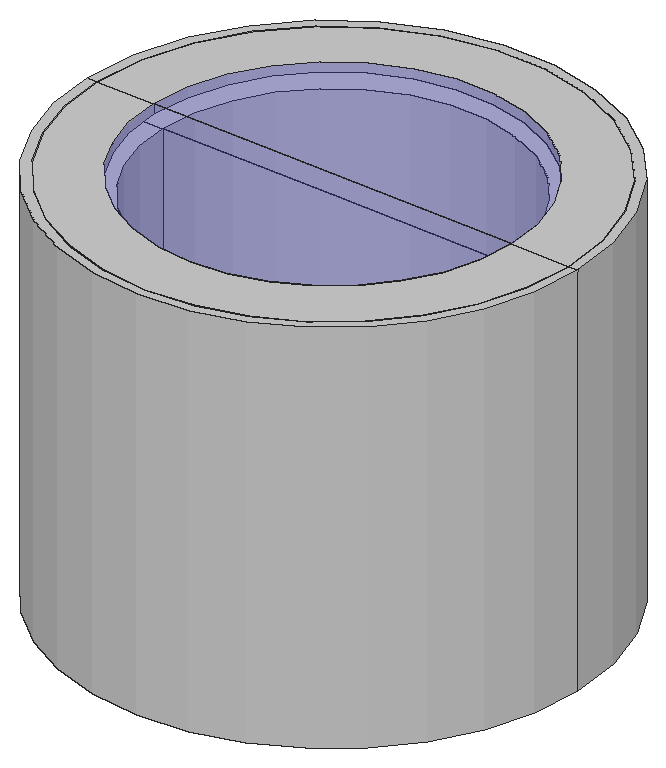
Revit family "77852_HOST_FACE", category Lighting Fixtures, host Face, Revit 2015 (continued)
Types (5): name | Wattage | built-in parameter 1150134 | Photometric Web File | built-in parameter 1150142 | Model | built-in parameter 1150105 | Lumens | Lamp | built-in parameter 1150107 | built-in parameter 1150106 | Description | Default Elevation
    6 36.07 36.11 36.12 36.05 35.98 35.91 35.84 35.71 35.54 35.27 34.98 34.63 34.28 33.90 33.52 33.12 32.00\r\n0.99 1.08 1.17 1.26 1.35 1.44 1.53 1.62 1.71 1.82 1.93 2.17 2.42 2.85 3.29 3.83 4.38 5.04 5.82 6.67 7.52 8.43 9.34 10.27 11.18 12.14 13.08 14.05 15.00 15.97 16.92 17.88 18.85 19.82 20.82 21.72 22.63 23.49 24.33 25.14 25.93 26.72 27.49 28.19 28.87 29.50 \r\n30.11 30.67 31.22 31.73 32.22 32.63 33.01 33.31 33.60 33.84 34.12 34.35 34.56 34.70 34.81 34.85 34.87 34.81 34.75 34.57 34.38 34.13 33.88 33.60 33.32 33.02 32.00\r\n0.99 1.05 1.11 1.17 1.23 1.29 1.35 1.41 1.47 1.55 1.62 1.84 2.07 2.46 2.86 3.36 3.87 4.44 5.01 5.65 6.30 7.03 7.76 8.52 9.31 10.09 10.93 11.75 12.62 13.46 14.34 15.20 16.13 17.03 17.96 18.82 19.68 20.53 21.39 22.22 23.05 23.85 24.69 25.43 26.16 26.85 \r\n27.54 28.19 28.82 29.44 30.05 30.56 31.06 31.50 31.92 32.31 32.68 32.98 33.27 33.48 33.67 33.78 33.89 33.92 33.95 33.87 33.78 33.63 33.47 33.30 33.12 32.91 32.00\r\n0.99 1.02 1.05 1.08 1.11 1.14 1.17 1.20 1.23 1.27 1.32 1.51 1.70 2.05 2.42 2.88 3.35 3.87 4.40 4.99 5.59 6.25 6.93 7.65 8.38 9.12 9.88 10.66 11.45 12.27 13.10 13.91 14.74 15.60 16.46 17.30 18.15 18.95 19.76 20.54 21.33 22.12 22.91 23.65 24.39 25.09 25.78 \r\n26.43 27.07 27.70 28.32 28.86 29.40 29.89 30.37 30.81 31.25 31.62 31.98 32.26 32.53 32.72 32.91 33.03 33.15 33.16 33.17 33.12 33.07 32.99 32.91 32.81 32.00\r\n0.99 0.99 0.99 0.99 0.99 0.99 0.99 0.99 0.99 1.00 1.01 1.17 1.33 1.65 1.96 2.39 2.81 3.29 3.77 4.32 4.86 5.47 6.07 6.76 7.44 8.13 8.82 9.55 10.28 11.07 11.85 12.62 13.39 14.18 14.97 15.79 16.61 17.38 18.14 18.90 19.66 20.40 21.13 21.88 22.63 23.33 24.03 \r\n24.69 25.34 25.97 26.60 27.18 27.76 28.29 28.82 29.33 29.83 30.27 30.70 31.05 31.39 31.67 31.94 32.15 32.35 32.46 32.57 32.62 32.66 32.69 32.71 32.71 32.00\r\n0.99 0.99 0.99 0.99 0.99 0.99 0.99 0.99 0.99 1.00 1.01 1.16 1.31 1.62 1.94 2.35 2.77 3.25 3.73 4.26 4.80 5.39 5.99 6.64 7.30 7.97 8.65 9.36 10.07 10.82 11.57 12.32 13.08 13.87 14.66 15.46 16.27 17.02 17.77 18.51 19.26 19.98 20.70 21.44 22.18 22.87 23.56 \r\n24.23 24.90 25.52 26.15 26.72 27.30 27.84 28.37 28.88 29.38 29.83 30.28 30.64 31.01 31.31 31.61 31.85 32.08 32.22 32.36 32.44 32.52 32.58 32.64 32.67 32.00\r\n0.99 0.99 0.99 0.99 0.99 0.99 0.99 0.99 1.00 1.00 1.01 1.15 1.30 1.59 1.90 2.31 2.72 3.19 3.68 4.20 4.72 5.30 5.88 6.51 7.15 7.79 8.48 9.15 9.87 10.56 11.29 12.02 12.78 13.55 14.34 15.13 15.93 16.66 17.40 18.13 18.86 19.57 20.29 21.01 21.74 22.42 23.11 \r\n23.79 24.46 25.08 25.71 26.28 26.86 27.39 27.94 28.44 28.95 29.40 29.86 30.25 30.64 30.96 31.29 31.55 31.81 31.98 32.15 32.26 32.38 32.47 32.57 32.64 32.00\r\n0.99 0.99 0.99 0.99 1.00 0.99 0.99 0.99 1.00 1.01 1.01 1.13 1.27 1.56 1.86 2.26 2.66 3.13 3.61 4.12 4.63 5.19 5.75 6.36 6.97 7.64 8.32 9.00 9.68 10.40 11.12 11.86 12.63 13.37 14.15 14.90 15.68 16.42 17.17 17.89 18.62 19.32 20.02 20.74 21.46 22.13 22.80 \r\n23.46 24.12 24.73 25.34 25.91 26.47 27.00 27.53 28.03 28.52 28.99 29.45 29.86 30.27 30.62 30.97 31.26 31.54 31.74 31.94 32.09 32.23 32.37 32.50 32.60 32.00\r\n0.99 0.99 0.99 1.00 1.00 0.99 0.99 1.00 1.00 1.01 1.01 1.12 1.24 1.52 1.82 2.20 2.60 3.05 3.52 4.01 4.51 5.05 5.60 6.20 6.80 7.48 8.18 8.85 9.51 10.24 10.97 11.70 12.44 13.18 13.95 14.67 15.42 16.18 16.95 17.67 18.39 19.08 19.78 20.49 21.20 21.87 22.53 \r\n23.17 23.82 24.43 25.04 25.61 26.17 26.72 27.25 27.75 28.24 28.68 29.12 29.52 29.91 30.29 30.66 30.97 31.27 31.51 31.74 31.92 32.09 32.26 32.43 32.57 32.00\r\n0.99 0.99 0.99 1.00 1.00 1.00 0.99 1.00 1.01 1.01 1.01 1.11 1.23 1.49 1.79 2.15 2.54 2.97 3.42 3.89 4.38 4.90 5.44 6.04 6.65 7.32 8.01 8.68 9.34 10.05 10.77 11.49 12.22 12.97 13.73 14.49 15.25 15.99 16.73 17.45 18.17 18.87 19.56 20.27 20.98 21.64 22.29 \r\n22.93 23.56 24.17 24.76 25.33 25.89 26.44 26.98 27.49 27.98 28.43 28.87 29.28 29.68 30.03 30.37 30.68 31.01 31.27 31.53 31.74 31.96 32.16 32.36 32.53 32.00\r\n0.99 0.99 1.00 1.00 1.00 1.00 0.99 1.00 1.01 1.01 1.01 1.10 1.23 1.46 1.74 2.09 2.47 2.88 3.31 3.78 4.27 4.80 5.35 5.93 6.53 7.16 7.82 8.48 9.16 9.85 10.56 11.27 11.99 12.75 13.52 14.30 15.08 15.80 16.52 17.24 17.96 18.66 19.36 20.07 20.76 21.43 22.09 \r\n22.72 23.35 23.96 24.55 25.13 25.69 26.22 26.74 27.25 27.73 28.18 28.63 29.05 29.45 29.82 30.17 30.47 30.78 31.05 31.33 31.57 31.82 32.05 32.29 32.50 32.00\r\n0.99 0.99 1.00 1.00 1.00 1.00 0.99 1.00 1.01 1.02 1.02 1.09 1.21 1.42 1.70 2.02 2.39 2.79 3.21 3.67 4.17 4.69 5.24 5.81 6.39 6.99 7.62 8.28 8.95 9.64 10.33 11.04 11.75 12.51 13.28 14.05 14.82 15.53 16.25 16.99 17.72 18.43 19.14 19.84 20.53 21.21 21.87 \r\n22.52 23.16 23.76 24.36 24.95 25.51 26.04 26.56 27.06 27.53 27.97 28.39 28.83 29.23 29.61 29.96 30.28 30.58 30.84 31.13 31.41 31.68 31.95 32.22 32.46 32.00\r\n0.99 0.99 1.00 1.00 1.00 1.00 0.99 1.00 1.02 1.02 1.02 1.07 1.20 1.38 1.65 1.95 2.31 2.69 3.11 3.55 4.05 4.56 5.09 5.63 6.20 6.80 7.42 8.07 8.73 9.40 10.09 10.79 11.51 12.27 13.04 13.80 14.55 15.26 15.98 16.73 17.47 18.20 18.91 19.61 20.29 20.97 21.63 \r\n22.29 22.92 23.55 24.16 24.77 25.34 25.87 26.39 26.89 27.36 27.81 28.23 28.64 29.02 29.41 29.77 30.10 30.41 30.68 30.96 31.24 31.55 31.85 32.15 32.43 32.00\r\n0.99 0.99 1.00 1.00 1.01 1.00 1.00 1.00 1.02 1.03 1.02 1.06 1.18 1.33 1.60 1.88 2.23 2.58 2.99 3.40 3.89 4.37 4.90 5.44 6.01 6.59 7.20 7.83 8.47 9.13 9.81 10.51 11.21 11.95 12.70 13.44 14.18 14.90 15.62 16.35 17.08 17.81 18.54 19.27 19.98 20.68 21.38 \r\n22.07 22.72 23.36 23.96 24.56 25.12 25.68 26.20 26.73 27.19 27.65 28.07 28.49 28.86 29.22 29.57 29.93 30.24 30.53 30.81 31.08 31.42 31.75 32.08 32.40 32.00\r\n0.99 1.00 1.00 1.00 1.01 1.01 1.00 1.01 1.02 1.03 1.03 1.04 1.16 1.27 1.54 1.81 2.14 2.48 2.87 3.26 3.72 4.18 4.70 5.22 5.76 6.31 6.92 7.53 8.16 8.81 9.50 10.20 10.90 11.62 12.35 13.08 13.81 14.53 15.25 15.96 16.67 17.38 18.12 18.86 19.57 20.27 20.97 \r\n21.69 22.37 23.07 23.73 24.36 24.92 25.48 26.00 26.53 27.02 27.51 27.92 28.35 28.71 29.08 29.40 29.76 30.07 30.38 30.67 30.94 31.29 31.65 32.02 32.36 32.00\r\n0.99 1.00 1.00 1.00 1.01 1.01 1.01 1.01 1.03 1.04 1.04 1.04 1.14 1.24 1.47 1.74 2.04 2.37 2.74 3.12 3.55 3.99 4.48 4.97 5.49 6.02 6.62 7.22 7.83 8.46 9.12 9.79 10.46 11.16 11.87 12.60 13.34 14.04 14.76 15.46 16.18 16.89 17.64 18.41 19.13 19.86 20.58 21.29\r\n 21.97 22.66 23.33 24.00 24.65 25.28 25.81 26.33 26.83 27.31 27.77 28.20 28.58 28.95 29.27 29.60 29.91 30.24 30.54 30.83 31.16 31.56 31.95 32.33 32.00\r\n0.99 1.00 1.00 1.00 1.01 1.01 1.01 1.01 1.03 1.05 1.05 1.05 1.12 1.22 1.40 1.66 1.94 2.26 2.60 2.97 3.37 3.80 4.25 4.72 5.22 5.74 6.30 6.87 7.46 8.06 8.70 9.34 10.00 10.68 11.39 12.12 12.86 13.55 14.26 14.96 15.67 16.38 17.13 17.90 18.61 19.35 20.09 20.83\r\n 21.55 22.26 22.93 23.60 24.26 24.91 25.56 26.14 26.65 27.13 27.59 28.04 28.44 28.81 29.15 29.48 29.75 30.09 30.41 30.73 31.04 31.47 31.89 32.30 32.00\r\n0.99 1.00 1.00 1.01 1.01 1.02 1.02 1.02 1.03 1.05 1.05 1.06 1.10 1.20 1.33 1.58 1.83 2.14 2.45 2.81 3.18 3.60 4.02 4.48 4.95 5.46 5.99 6.53 7.08 7.66 8.26 8.88 9.52 10.17 10.85 11.54 12.26 12.95 13.66 14.36 15.07 15.80 16.56 17.34 18.09 18.85 19.60 20.34 \r\n21.07 21.78 22.50 23.20 23.89 24.55 25.22 25.83 26.45 26.95 27.43 27.86 28.30 28.69 29.03 29.35 29.63 29.95 30.29 30.62 30.95 31.38 31.83 32.27 32.00\r\n0.99 1.00 1.00 1.01 1.01 1.02 1.02 1.02 1.04 1.05 1.06 1.07 1.08 1.18 1.27 1.50 1.73 2.01 2.30 2.65 3.00 3.39 3.79 4.23 4.67 5.15 5.63 6.14 6.67 7.22 7.81 8.42 9.04 9.66 10.31 10.97 11.65 12.36 13.06 13.76 14.46 15.18 15.94 16.70 17.46 18.23 19.03 19.81 \r\n20.59 21.31 22.03 22.75 23.48 24.21 24.88 25.51 26.14 26.74 27.26 27.69 28.14 28.55 28.92 29.23 29.52 29.81 30.17 30.52 30.87 31.29 31.77 32.24 32.00\r\n0.99 1.00 1.00 1.01 1.02 1.03 1.03 1.03 1.04 1.06 1.07 1.07 1.08 1.15 1.25 1.42 1.63 1.88 2.16 2.46 2.81 3.17 3.56 3.95 4.35 4.79 5.23 5.73 6.25 6.78 7.34 7.91 8.50 9.09 9.73 10.39 11.07 11.75 12.43 13.12 13.82 14.54 15.30 16.06 16.84 17.59 18.38 19.17 \r\n19.97 20.78 21.58 22.31 23.04 23.79 24.52 25.20 25.82 26.44 27.04 27.53 27.97 28.39 28.82 29.12 29.42 29.71 30.05 30.42 30.79 31.21 31.71 32.21 32.00\r\n0.99 1.00 1.00 1.01 1.02 1.03 1.03 1.03 1.04 1.06 1.08 1.08 1.09 1.13 1.22 1.33 1.54 1.74 2.01 2.28 2.61 2.94 3.29 3.65 4.03 4.42 4.86 5.32 5.81 6.32 6.84 7.38 7.94 8.51 9.15 9.81 10.49 11.13 11.80 12.48 13.18 13.90 14.66 15.40 16.17 16.95 17.74 18.55 \r\n19.35 20.18 20.99 21.84 22.62 23.37 24.10 24.86 25.52 26.15 26.75 27.35 27.81 28.24 28.67 29.00 29.32 29.61 29.94 30.33 30.71 31.12 31.66 32.18 32.00\r\n0.99 1.00 1.01 1.01 1.02 1.03 1.04 1.04 1.05 1.06 1.08 1.09 1.10 1.11 1.20 1.28 1.45 1.62 1.85 2.11 2.40 2.70 3.02 3.36 3.72 4.09 4.50 4.92 5.38 5.85 6.33 6.84 7.37 7.92 8.53 9.16 9.81 10.44 11.10 11.78 12.49 13.22 13.99 14.74 15.51 16.31 17.10 17.91 \r\n18.74 19.58 20.41 21.26 22.10 22.95 23.69 24.44 25.17 25.86 26.47 27.09 27.65 28.09 28.51 28.90 29.22 29.52 29.84 30.23 30.64 31.06 31.60 32.16 32.00\r\n0.99 1.00 1.01 1.01 1.02 1.03 1.04 1.05 1.05 1.07 1.09 1.10 1.11 1.12 1.19 1.26 1.36 1.52 1.68 1.95 2.19 2.48 2.75 3.08 3.42 3.77 4.15 4.52 4.94 5.37 5.82 6.30 6.80 7.33 7.91 8.51 9.12 9.74 10.40 11.08 11.78 12.50 13.25 14.01 14.81 15.64 16.46 17.29 18.13\r\n 18.97 19.84 20.70 21.57 22.42 23.30 24.04 24.80 25.54 26.21 26.83 27.43 27.95 28.36 28.76 29.12 29.43 29.76 30.15 30.57 31.00 31.55 32.13 32.00\r\n0.99 1.00 1.01 1.01 1.02 1.04 1.05 1.05 1.06 1.07 1.09 1.11 1.12 1.13 1.17 1.23 1.29 1.42 1.58 1.79 2.02 2.26 2.52 2.81 3.12 3.44 3.77 4.11 4.49 4.90 5.32 5.76 6.24 6.75 7.29 7.87 8.46 9.06 9.69 10.35 11.04 11.77 12.52 13.30 14.09 14.92 15.77 16.64 17.53 \r\n18.37 19.25 20.14 21.03 21.91 22.79 23.66 24.43 25.18 25.97 26.57 27.19 27.80 28.21 28.63 29.02 29.35 29.68 30.06 30.50 30.95 31.50 32.11 32.00\r\n0.99 1.00 1.01 1.01 1.03 1.04 1.05 1.06 1.07 1.08 1.10 1.12 1.13 1.14 1.16 1.21 1.26 1.33 1.49 1.65 1.86 2.06 2.30 2.54 2.82 3.10 3.40 3.72 4.04 4.43 4.82 5.23 5.69 6.17 6.68 7.22 7.79 8.37 8.98 9.61 10.29 11.02 11.76 12.54 13.36 14.23 15.08 15.95 16.85 \r\n17.78 18.66 19.58 20.48 21.42 22.30 23.21 24.07 24.84 25.62 26.32 26.96 27.57 28.07 28.51 28.92 29.27 29.61 29.98 30.43 30.90 31.45 32.08 32.00\r\n0.99 1.00 1.01 1.02 1.03 1.04 1.05 1.06 1.07 1.09 1.11 1.12 1.13 1.15 1.17 1.18 1.24 1.28 1.39 1.54 1.70 1.89 2.09 2.30 2.53 2.76 3.04 3.32 3.62 3.97 4.33 4.70 5.12 5.55 6.02 6.54 7.09 7.64 8.23 8.85 9.52 10.27 11.02 11.79 12.61 13.48 14.35 15.26 16.17 \r\n17.11 18.07 19.01 19.95 20.89 21.82 22.75 23.67 24.52 25.29 26.07 26.73 27.35 27.95 28.38 28.81 29.19 29.54 29.90 30.37 30.85 31.41 32.06 32.00\r\n0.99 1.00 1.01 1.02 1.03 1.04 1.05 1.06 1.08 1.09 1.11 1.13 1.14 1.15 1.17 1.19 1.22 1.26 1.30 1.43 1.56 1.72 1.88 2.07 2.26 2.48 2.70 2.94 3.22 3.52 3.84 4.17 4.54 4.93 5.36 5.85 6.38 6.91 7.47 8.09 8.75 9.47 10.20 11.00 11.85 12.73 13.63 14.55 15.52 \r\n16.46 17.44 18.44 19.42 20.38 21.36 22.30 23.25 24.18 24.98 25.79 26.50 27.14 27.80 28.26 28.70 29.12 29.48 29.84 30.31 30.80 31.37 32.04 32.00\r\n0.99 1.00 1.01 1.02 1.03 1.04 1.06 1.07 1.08 1.10 1.12 1.14 1.15 1.16 1.18 1.20 1.21 1.25 1.28 1.33 1.46 1.56 1.71 1.84 2.03 2.21 2.40 2.61 2.83 3.09 3.37 3.66 3.98 4.34 4.74 5.19 5.67 6.18 6.72 7.32 7.97 8.66 9.38 10.19 11.05 11.96 12.91 13.86 14.82 \r\n15.83 16.82 17.86 18.89 19.89 20.88 21.88 22.84 23.79 24.68 25.48 26.28 26.94 27.61 28.15 28.60 29.05 29.42 29.79 30.26 30.76 31.33 32.02 32.00\r\n0.99 1.00 1.01 1.02 1.03 1.04 1.06 1.07 1.09 1.10 1.12 1.15 1.16 1.17 1.19 1.20 1.22 1.24 1.27 1.30 1.36 1.46 1.55 1.68 1.82 1.97 2.13 2.29 2.48 2.70 2.93 3.18 3.45 3.78 4.13 4.52 4.96 5.45 5.96 6.54 7.19 7.84 8.55 9.36 10.25 11.20 12.16 13.16 14.16 15.17\r\n 16.22 17.26 18.32 19.40 20.42 21.45 22.44 23.42 24.39 25.20 26.02 26.75 27.43 28.04 28.51 29.00 29.36 29.74 30.21 30.72 31.29 32.00 32.00\r\n0.99 1.00 1.01 1.02 1.03 1.05 1.06 1.07 1.09 1.11 1.13 1.15 1.17 1.18 1.20 1.21 1.23 1.24 1.25 1.28 1.31 1.37 1.45 1.53 1.64 1.76 1.89 2.02 2.16 2.33 2.50 2.71 2.96 3.25 3.56 3.91 4.31 4.75 5.22 5.77 6.38 7.01 7.69 8.49 9.43 10.46 11.41 12.34 13.48 14.55 \r\n15.60 16.68 17.78 18.89 19.98 21.01 22.05 23.06 24.05 24.93 25.78 26.57 27.26 27.95 28.42 28.90 29.31 29.70 30.16 30.68 31.26 31.98 32.00\r\n0.99 1.00 1.01 1.02 1.03 1.05 1.06 1.08 1.09 1.11 1.14 1.16 1.17 1.18 1.20 1.22 1.24 1.25 1.27 1.28 1.31 1.33 1.37 1.42 1.49 1.58 1.68 1.78 1.89 2.01 2.15 2.33 2.52 2.74 3.01 3.31 3.65 4.04 4.47 4.98 5.56 6.18 6.84 7.62 8.60 9.60 10.46 11.45 12.66 13.93 \r\n15.01 16.12 17.25 18.41 19.54 20.60 21.68 22.70 23.72 24.69 25.55 26.40 27.11 27.83 28.34 28.83 29.26 29.66 30.12 30.65 31.22 31.97 32.00\r\n0.99 1.00 1.01 1.02 1.03 1.05 1.06 1.08 1.10 1.12 1.14 1.16 1.18 1.19 1.21 1.24 1.25 1.27 1.28 1.29 1.31 1.33 1.35 1.37 1.40 1.44 1.51 1.58 1.66 1.76 1.85 1.98 2.13 2.29 2.51 2.76 3.06 3.39 3.77 4.22 4.77 5.36 6.04 6.84 7.71 8.61 9.51 10.61 11.90 13.23 \r\n14.44 15.58 16.79 17.91 19.09 20.21 21.29 22.37 23.42 24.45 25.34 26.22 26.97 27.70 28.26 28.76 29.22 29.62 30.08 30.62 31.20 31.95 32.00\r\n0.99 1.00 1.01 1.02 1.03 1.05 1.06 1.08 1.10 1.12 1.14 1.16 1.18 1.19 1.22 1.25 1.26 1.28 1.29 1.30 1.32 1.34 1.35 1.35 1.36 1.37 1.40 1.44 1.49 1.55 1.62 1.70 1.81 1.90 2.05 2.23 2.46 2.74 3.06 3.48 3.98 4.56 5.19 5.95 6.79 7.65 8.66 9.88 11.27 12.58 \r\n13.87 15.07 16.26 17.46 18.66 19.83 20.94 22.07 23.14 24.22 25.15 26.05 26.84 27.58 28.20 28.71 29.18 29.59 30.04 30.59 31.17 31.94 32.00\r\n0.99 1.00 1.02 1.02 1.03 1.05 1.06 1.08 1.10 1.12 1.14 1.16 1.18 1.20 1.23 1.25 1.27 1.28 1.29 1.31 1.33 1.34 1.35 1.35 1.35 1.34 1.35 1.36 1.38 1.40 1.46 1.50 1.54 1.60 1.72 1.85 2.03 2.25 2.49 2.80 3.17 3.74 4.38 5.04 5.87 6.85 7.85 9.19 10.62 11.99 \r\n13.28 14.58 15.80 17.03 18.25 19.48 20.63 21.78 22.88 23.99 24.98 25.90 26.73 27.48 28.14 28.65 29.14 29.56 30.01 30.57 31.15 31.93 32.00\r\n0.99 1.00 1.02 1.02 1.03 1.05 1.06 1.09 1.10 1.12 1.14 1.17 1.19 1.21 1.23 1.26 1.27 1.29 1.30 1.31 1.33 1.35 1.35 1.35 1.34 1.33 1.33 1.33 1.33 1.34 1.36 1.37 1.39 1.41 1.45 1.50 1.59 1.76 1.95 2.23 2.58 2.99 3.55 4.28 5.15 6.18 7.23 8.49 9.95 11.36 \r\n12.72 14.14 15.38 16.64 17.90 19.15 20.35 21.52 22.66 23.79 24.83 25.76 26.63 27.39 28.08 28.61 29.11 29.53 29.98 30.55 31.13 31.92 32.00\r\n0.99 1.00 1.02 1.02 1.03 1.05 1.06 1.09 1.11 1.12 1.14 1.17 1.19 1.22 1.24 1.26 1.27 1.29 1.31 1.32 1.34 1.35 1.35 1.35 1.34 1.33 1.32 1.32 1.33 1.32 1.31 1.32 1.30 1.18 0.92 0.80 0.80 0.95 1.22 1.60 2.00 2.42 2.89 3.67 4.62 5.65 6.75 7.82 9.29 10.71 \r\n12.13 13.63 15.01 16.29 17.58 18.87 20.12 21.30 22.47 23.61 24.70 25.65 26.55 27.32 28.04 28.57 29.08 29.51 29.96 30.53 31.11 31.91 32.00\r\n0.99 1.00 1.02 1.02 1.03 1.05 1.06 1.09 1.11 1.13 1.14 1.17 1.20 1.22 1.24 1.26 1.28 1.30 1.32 1.33 1.34 1.35 1.35 1.35 1.35 1.34 1.33 1.32 1.32 1.33 1.31 1.30 1.07 0.63 0.31 0.09 0.00 0.11 0.41 0.86 1.39 1.94 2.51 3.15 4.18 5.15 6.21 7.39 8.75 10.12 \r\n11.63 13.22 14.68 16.00 17.32 18.64 19.92 21.12 22.31 23.47 24.59 25.55 26.49 27.26 28.00 28.53 29.06 29.49 29.94 30.51 31.09 31.90 32.00\r\n0.99 1.00 1.02 1.02 1.03 1.04 1.06 1.09 1.12 1.13 1.14 1.17 1.20 1.23 1.25 1.26 1.28 1.30 1.32 1.33 1.35 1.35 1.35 1.35 1.34 1.34 1.33 1.33 1.33 1.32 1.31 1.18 0.64 0.15 0.00 0.00 0.00 0.00 0.00 0.20 0.83 1.56 2.24 2.89 3.73 4.71 5.79 7.07 8.43 9.89 11.39\r\n 12.94 14.42 15.78 17.12 18.45 19.76 20.98 22.19 23.36 24.50 25.48 26.43 27.21 27.97 28.51 29.04 29.48 29.92 30.50 31.08 31.90 32.00\r\n0.99 1.00 1.02 1.02 1.02 1.04 1.06 1.09 1.12 1.14 1.15 1.17 1.20 1.23 1.25 1.27 1.28 1.30 1.31 1.33 1.35 1.35 1.35 1.35 1.34 1.33 1.33 1.33 1.32 1.31 1.31 0.90 0.30 0.00 0.00 0.00 0.00 0.00 0.00 0.00 0.41 1.23 2.02 2.71 3.51 4.51 5.57 6.90 8.25 9.75 11.26\r\n 12.78 14.26 15.62 16.99 18.32 19.65 20.88 22.10 23.28 24.44 25.42 26.39 27.17 27.95 28.49 29.03 29.47 29.92 30.50 31.08 31.89 32.00\r\n0.99 1.00 1.02 1.02 1.02 1.04 1.06 1.09 1.13 1.14 1.16 1.17 1.20 1.23 1.26 1.27 1.29 1.31 1.32 1.33 1.34 1.34 1.34 1.35 1.35 1.34 1.33 1.32 1.32 1.32 1.31 0.72 0.08 0.00 0.00 0.00 0.00 0.00 0.00 0.00 0.11 1.01 1.91 2.67 3.45 4.48 5.54 6.84 8.13 9.66 11.19\r\n 12.67 14.16 15.52 16.89 18.23 19.57 20.81 22.05 23.23 24.40 25.39 26.37 27.15 27.93 28.48 29.02 29.47 29.91 30.49 31.07 31.89 32.00\r\n0.99 1.01 1.02 1.02 1.02 1.04 1.06 1.10 1.13 1.15 1.16 1.18 1.19 1.23 1.26 1.28 1.30 1.32 1.33 1.33 1.33 1.33 1.33 1.33 1.33 1.33 1.33 1.33 1.33 1.32 1.
